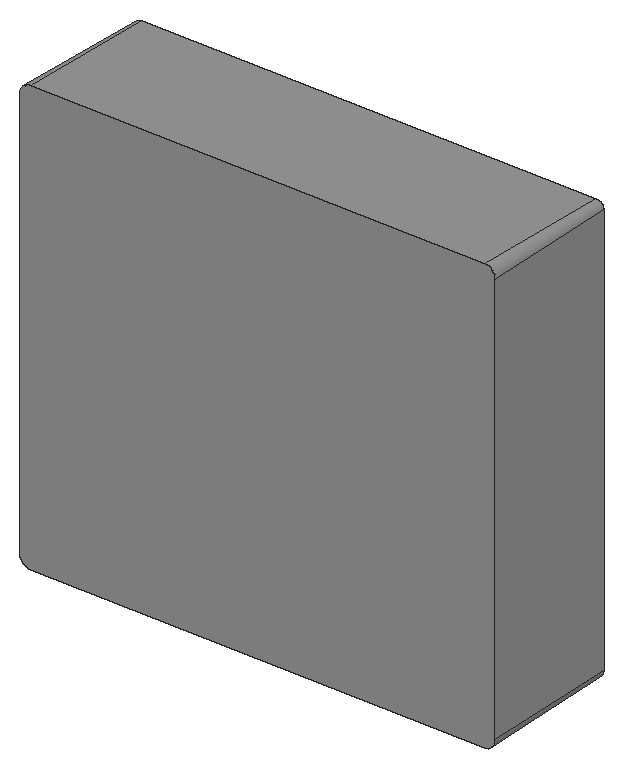
Revit family "L&L_LUCE&LIGHT_PASITO_1.2", category Lighting Fixtures, host Wall, Revit 2018 (continued)
Parameters (values of type "PASITO_1.2 – Asymmetrical 150°x90°")
    00 0.00 0.00 0.00 0.00 0.00 0.00 \r\n0.00 0.00 0.00 0.00 0.00 0.00 0.00 0.00 0.00 0.00 0.00 \r\n0.00 0.00 0.00 0.00 0.00 0.00 0.00 0.00 0.00 0.00 0.00 \r\n0.00 0.00 0.00 0.00 0.00 0.00 0.00 0.00 0.00 0.00 0.00 \r\n0.00 0.00 0.00 0.00 0.02 \r\n0.14 0.01 0.00 0.00 0.00 0.00 0.00 0.00 0.00 0.00 0.00 \r\n0.00 0.00 0.00 0.00 0.00 0.00 0.00 0.00 0.00 0.00 0.00 \r\n0.00 0.00 0.00 0.00 0.00 0.00 0.00 0.00 0.00 0.00 0.00 \r\n0.00 0.00 0.00 0.00 0.00 0.00 0.00 0.00 0.00 0.00 0.00 \r\n0.00 0.00 0.00 0.00 0.00 0.00 0.00 0.00 0.00 0.00 0.00 \r\n0.00 0.00 0.00 0.00 0.00 0.00 0.00 0.00 0.00 0.00 0.00 \r\n0.00 0.00 0.00 0.00 0.00 0.00 0.00 0.00 0.00 0.00 0.00 \r\n0.00 0.00 0.00 0.00 0.00 0.00 0.00 0.00 0.00 0.00 0.00 \r\n0.00 0.00 0.00 0.00 0.00 0.00 0.00 0.00 0.00 0.00 0.00 \r\n0.00 0.00 0.00 0.00 0.00 0.00 0.00 0.00 0.00 0.00 0.00 \r\n0.00 0.00 0.00 0.00 0.00 0.00 0.00 0.00 0.00 0.00 0.00 \r\n0.00 0.00 0.00 0.00 0.00 0.00 0.00 0.00 0.00 0.00 0.00 \r\n0.00 0.00 0.00 0.00 0.00 0.00 0.00 0.00 0.00 0.00 0.00 \r\n0.00 0.00 0.00 0.00 0.00 0.00 0.00 0.00 0.00 0.00 0.00 \r\n0.00 0.00 0.00 0.00 0.00 0.00 0.00 0.00 0.00 0.00 0.00 \r\n0.00 0.00 0.00 0.00 0.00 0.00 0.00 0.00 0.00 0.00 0.00 \r\n0.00 0.00 0.00 0.00 0.02 \r\n0.14 0.00 0.00 0.00 0.00 0.00 0.00 0.00 0.00 0.00 0.00 \r\n0.00 0.00 0.00 0.00 0.00 0.00 0.00 0.00 0.00 0.00 0.00 \r\n0.00 0.00 0.00 0.00 0.00 0.00 0.00 0.00 0.00 0.00 0.00 \r\n0.00 0.00 0.00 0.00 0.00 0.00 0.00 0.00 0.00 0.00 0.00 \r\n0.00 0.00 0.00 0.00 0.00 0.00 0.00 0.00 0.00 0.00 0.00 \r\n0.00 0.00 0.00 0.00 0.00 0.00 0.00 0.00 0.00 0.00 0.00 \r\n0.00 0.00 0.00 0.00 0.00 0.00 0.00 0.00 0.00 0.00 0.00 \r\n0.00 0.00 0.00 0.00 0.00 0.00 0.00 0.00 0.00 0.00 0.00 \r\n0.00 0.00 0.00 0.00 0.00 0.00 0.00 0.00 0.00 0.00 0.00 \r\n0.00 0.00 0.00 0.00 0.00 0.00 0.00 0.00 0.00 0.00 0.00 \r\n0.00 0.00 0.00 0.00 0.00 0.00 0.00 0.00 0.00 0.00 0.00 \r\n0.00 0.00 0.00 0.00 0.00 0.00 0.00 0.00 0.00 0.00 0.00 \r\n0.00 0.00 0.00 0.00 0.00 0.00 0.00 0.00 0.00 0.00 0.00 \r\n0.00 0.00 0.00 0.00 0.00 0.00 0.00 0.00 0.00 0.00 0.00 \r\n0.00 0.00 0.00 0.00 0.00 0.00 0.00 0.00 0.00 0.00 0.00 \r\n0.00 0.00 0.00 0.00 0.00 0.00 0.00 0.00 0.00 0.00 0.00 \r\n0.00 0.00 0.00 0.00 0.02 \r\n0.14 0.00 0.00 0.00 0.00 0.00 0.00 0.00 0.00 0.00 0.00 \r\n0.00 0.00 0.00 0.00 0.00 0.00 0.00 0.00 0.00 0.00 0.00 \r\n0.00 0.00 0.00 0.00 0.00 0.00 0.00 0.00 0.00 0.00 0.00 \r\n0.00 0.00 0.00 0.00 0.00 0.00 0.00 0.00 0.00 0.00 0.00 \r\n0.00 0.00 0.00 0.00 0.00 0.00 0.00 0.00 0.00 0.00 0.00 \r\n0.00 0.00 0.00 0.00 0.00 0.00 0.00 0.00 0.00 0.00 0.00 \r\n0.00 0.00 0.00 0.00 0.00 0.00 0.00 0.00 0.00 0.00 0.00 \r\n0.00 0.00 0.00 0.00 0.00 0.00 0.00 0.00 0.00 0.00 0.00 \r\n0.00 0.00 0.00 0.00 0.00 0.00 0.00 0.00 0.00 0.00 0.00 \r\n0.00 0.00 0.00 0.00 0.00 0.00 0.00 0.00 0.00 0.00 0.00 \r\n0.00 0.00 0.00 0.00 0.00 0.00 0.00 0.00 0.00 0.00 0.00 \r\n0.00 0.00 0.00 0.00 0.00 0.00 0.00 0.00 0.00 0.00 0.00 \r\n0.00 0.00 0.00 0.00 0.00 0.00 0.00 0.00 0.00 0.00 0.00 \r\n0.00 0.00 0.00 0.00 0.00 0.00 0.00 0.00 0.00 0.00 0.00 \r\n0.00 0.00 0.00 0.00 0.00 0.00 0.00 0.00 0.00 0.00 0.00 \r\n0.00 0.00 0.00 0.00 0.00 0.00 0.00 0.00 0.00 0.00 0.00 \r\n0.00 0.00 0.00 0.00 0.02 \r\n0.14 0.00 0.00 0.00 0.00 0.00 0.00 0.00 0.00 0.00 0.00 \r\n0.00 0.00 0.00 0.00 0.00 0.00 0.00 0.00 0.00 0.00 0.00 \r\n0.00 0.00 0.00 0.00 0.00 0.00 0.00 0.00 0.00 0.00 0.00 \r\n0.00 0.00 0.00 0.00 0.00 0.00 0.00 0.00 0.00 0.00 0.00 \r\n0.00 0.00 0.00 0.00 0.00 0.00 0.00 0.00 0.00 0.00 0.00 \r\n0.00 0.00 0.00 0.00 0.00 0.00 0.00 0.00 0.00 0.00 0.00 \r\n0.00 0.00 0.00 0.00 0.00 0.00 0.00 0.00 0.00 0.00 0.00 \r\n0.00 0.00 0.00 0.00 0.00 0.00 0.00 0.00 0.00 0.00 0.00 \r\n0.00 0.00 0.00 0.00 0.00 0.00 0.00 0.00 0.00 0.00 0.00 \r\n0.00 0.00 0.00 0.00 0.00 0.00 0.00 0.00 0.00 0.00 0.00 \r\n0.00 0.00 0.00 0.00 0.00 0.00 0.00 0.00 0.00 0.00 0.00 \r\n0.00 0.00 0.00 0.00 0.00 0.00 0.00 0.00 0.00 0.00 0.00 \r\n0.00 0.00 0.00 0.00 0.00 0.00 0.00 0.00 0.00 0.00 0.00 \r\n0.00 0.00 0.00 0.00 0.00 0.00 0.00 0.00 0.00 0.00 0.00 \r\n0.00 0.00 0.00 0.00 0.00 0.00 0.00 0.00 0.00 0.00 0.00 \r\n0.00 0.00 0.00 0.00 0.00 0.00 0.00 0.00 0.00 0.00 0.00 \r\n0.00 0.00 0.00 0.00 0.02 \r\n0.14 0.00 0.00 0.00 0.00 0.00 0.00 0.00 0.00 0.00 0.00 \r\n0.00 0.00 0.00 0.00 0.00 0.00 0.00 0.00 0.00 0.00 0.00 \r\n0.00 0.00 0.00 0.00 0.00 0.00 0.00 0.00 0.00 0.00 0.00 \r\n0.00 0.00 0.00 0.00 0.00 0.00 0.00 0.00 0.00 0.00 0.00 \r\n0.00 0.00 0.00 0.00 0.00 0.00 0.00 0.00 0.00 0.00 0.00 \r\n0.00 0.00 0.00 0.00 0.00 0.00 0.00 0.00 0.00 0.00 0.00 \r\n0.00 0.00 0.00 0.00 0.00 0.00 0.00 0.00 0.00 0.00 0.00 \r\n0.00 0.00 0.00 0.00 0.00 0.00 0.00 0.00 0.00 0.00 0.00 \r\n0.00 0.00 0.00 0.00 0.00 0.00 0.00 0.00 0.00 0.00 0.00 \r\n0.00 0.00 0.00 0.00 0.00 0.00 0.00 0.00 0.00 0.00 0.00 \r\n0.00 0.00 0.00 0.00 0.00 0.00 0.00 0.00 0.00 0.00 0.00 \r\n0.00 0.00 0.00 0.00 0.00 0.00 0.00 0.00 0.00 0.00 0.00 \r\n0.00 0.00 0.00 0.00 0.00 0.00 0.00 0.00 0.00 0.00 0.00 \r\n0.00 0.00 0.00 0.00 0.00 0.00 0.00 0.00 0.00 0.00 0.00 \r\n0.00 0.00 0.00 0.00 0.00 0.00 0.00 0.00 0.00 0.00 0.00 \r\n0.00 0.00 0.00 0.00 0.00 0.00 0.00 0.00 0.00 0.00 0.00 \r\n0.00 0.00 0.00 0.00 0.02 \r\n0.14 0.00 0.00 0.00 0.00 0.00 0.00 0.00 0.00 0.00 0.00 \r\n0.00 0.00 0.00 0.00 0.00 0.00 0.00 0.00 0.00 0.00 0.00 \r\n0.00 0.00 0.00 0.00 0.00 0.00 0.00 0.00 0.00 0.00 0.00 \r\n0.00 0.00 0.00 0.00 0.00 0.00 0.00 0.00 0.00 0.00 0.00 \r\n0.00 0.00 0.00 0.00 0.00 0.00 0.00 0.00 0.00 0.00 0.00 \r\n0.00 0.00 0.00 0.00 0.00 0.00 0.00 0.00 0.00 0.00 0.00 \r\n0.00 0.00 0.00 0.00 0.00 0.00 0.00 0.00 0.00 0.00 0.00 \r\n0.00 0.00 0.00 0.00 0.00 0.00 0.00 0.00 0.00 0.00 0.00 \r\n0.00 0.00 0.00 0.00 0.00 0.00 0.00 0.00 0.00 0.00 0.00 \r\n0.00 0.00 0.00 0.00 0.00 0.00 0.00 0.00 0.00 0.00 0.00 \r\n0.00 0.00 0.00 0.00 0.00 0.00 0.00 0.00 0.00 0.00 0.00 \r\n0.00 0.00 0.00 0.00 0.00 0.00 0.00 0.00 0.00 0.00 0.00 \r\n0.00 0.00 0.00 0.00 0.00 0.00 0.00 0.00 0.00 0.00 0.00 \r\n0.00 0.00 0.00 0.00 0.00 0.00 0.00 0.00 0.00 0.00 0.00 \r\n0.00 0.00 0.00 0.00 0.00 0.00 0.00 0.00 0.00 0.00 0.00 \r\n0.00 0.00 0.00 0.00 0.00 0.00 0.00 0.00 0.00 0.00 0.00 \r\n0.00 0.00 0.00 0.00 0.02 \r\n0.14 0.01 0.00 0.00 0.00 0.00 0.00 0.00 0.00 0.00 0.00 \r\n0.00 0.00 0.00 0.00 0.00 0.00 0.00 0.00 0.00 0.00 0.00 \r\n0.00 0.00 0.00 0.00 0.00 0.00 0.00 0.00 0.00 0.00 0.00 \r\n0.00 0.00 0.00 0.00 0.00 0.00 0.00 0.00 0.00 0.00 0.00 \r\n0.00 0.00 0.00 0.00 0.00 0.00 0.00 0.00 0.00 0.00 0.00 \r\n0.00 0.00 0.00 0.00 0.00 0.00 0.00 0.00 0.00 0.00 0.00 \r\n0.00 0.00 0.00 0.00 0.00 0.00 0.00 0.00 0.00 0.00 0.00 \r\n0.00 0.00 0.00 0.00 0.00 0.00 0.00 0.00 0.00 0.00 0.00 \r\n0.00 0.00 0.00 0.00 0.00 0.00 0.00 0.00 0.00 0.00 0.00 \r\n0.00 0.00 0.00 0.00 0.00 0.00 0.00 0.00 0.00 0.00 0.00 \r\n0.00 0.00 0.00 0.00 0.00 0.00 0.00 0.00 0.00 0.00 0.00 \r\n0.00 0.00 0.00 0.00 0.00 0.00 0.00 0.00 0.00 0.00 0.00 \r\n0.00 0.00 0.00 0.00 0.00 0.00 0.00 0.00 0.00 0.00 0.00 \r\n0.00 0.00 0.00 0.00 0.00 0.00 0.00 0.00 0.00 0.00 0.00 \r\n0.00 0.00 0.00 0.00 0.00 0.00 0.00 0.00 0.00 0.00 0.00 \r\n0.00 0.00 0.00 0.00 0.00 0.00 0.00 0.00 0.00 0.00 0.00 \r\n0.00 0.00 0.00 0.00 0.02 \r\n0.14 0.01 0.00 0.00 0.00 0.00 0.00 0.00 0.00 0.00 0.00 \r\n0.00 0.00 0.00 0.00 0.00 0.00 0.00 0.00 0.00 0.00 0.00 \r\n0.00 0.00 0.00 0.00 0.00 0.00 0.00 0.00 0.00 0.00 0.00 \r\n0.00 0.00 0.00 0.00 0.00 0.00 0.00 0.00 0.00 0.00 0.00 \r\n0.00 0.00 0.00 0.00 0.00 0.00 0.00 0.00 0.00 0.00 0.00 \r\n0.00 0.00 0.00 0.00 0.00 0.00 0.00 0.00 0.00 0.00 0.00 \r\n0.00 0.00 0.00 0.00 0.00 0.00 0.00 0.00 0.00 0.00 0.00 \r\n0.00 0.00 0.00 0.00 0.00 0.00 0.00 0.00 0.00 0.00 0.00 \r\n0.00 0.00 0.00 0.00 0.00 0.00 0.00 0.00 0.00 0.00 0.00 \r\n0.00 0.00 0.00 0.00 0.00 0.00 0.00 0.00 0.00 0.00 0.00 \r\n0.00 0.00 0.00 0.00 0.00 0.00 0.00 0.00 0.00 0.00 0.00 \r\n0.00 0.00 0.00 0.00 0.00 0.00 0.00 0.00 0.00 0.00 0.00 \r\n0.00 0.00 0.00 0.00 0.00 0.00 0.00 0.00 0.00 0.00 0.00 \r\n0.00 0.00 0.00 0.00 0.00 0.00 0.00 0.00 0.00 0.00 0.00 \r\n0.00 0.00 0.00 0.00 0.00 0.00 0.00 0.00 0.00 0.00 0.00 \r\n0.00 0.00 0.00 0.00 0.00 0.00 0.00 0.00 0.00 0.00 0.00 \r\n0.00 0.00 0.00 0.00 0.02 \r\n0.14 0.01 0.00 0.00 0.00 0.00 0.00 0.00 0.00 0.00 0.00 \r\n0.00 0.00 0.00 0.00 0.00 0.00 0.00 0.00 0.00 0.00 0.00 \r\n0.00 0.00 0.00 0.00 0.00 0.00 0.00 0.00 0.00 0.00 0.00 \r\n0.00 0.00 0.00 0.00 0.00 0.00 0.00 0.00 0.00 0.00 0.00 \r\n0.00 0.00 0.00 0.00 0.00 0.00 0.00 0.00 0.00 0.00 0.00 \r\n0.00 0.00 0.00 0.00 0.00 0.00 0.00 0.00 0.00 0.00 0.00 \r\n0.00 0.00 0.00 0.00 0.00 0.00 0.00 0.00 0.00 0.00 0.00 \r\n0.00 0.00 0.00 0.00 0.00 0.00 0.00 0.00 0.00 0.00 0.00 \r\n0.00 0.00 0.00 0.00 0.00 0.00 0.00 0.00 0.00 0.00 0.00 \r\n0.00 0.00 0.00 0.00 0.00 0.00 0.00 0.00 0.00 0.00 0.00 \r\n0.00 0.00 0.00 0.00 0.00 0.00 0.00 0.00 0.00 0.00 0.00 \r\n0.00 0.00 0.00 0.00 0.00 0.00 0.00 0.00 0.00 0.00 0.00 \r\n0.00 0.00 0.00 0.00 0.00 0.00 0.00 0.00 0.00 0.00 0.00 \r\n0.00 0.00 0.00 0.00 0.00 0.00 0.00 0.00 0.00 0.00 0.00 \r\n0.00 0.00 0.00 0.00 0.00 0.00 0.00 0.00 0.00 0.00 0.00 \r\n0.00 0.00 0.00 0.00 0.00 0.00 0.00 0.00 0.00 0.00 0.00 \r\n0.00 0.00 0.00 0.00 0.02 \r\n0.14 0.02 0.00 0.00 0.00 0.00 0.00 0.00 0.00 0.00 0.00 \r\n0.00 0.00 0.00 0.00 0.00 0.00 0.00 0.00 0.00 0.00 0.00 \r\n0.00 0.00 0.00 0.00 0.00 0.00 0.00 0.00 0.00 0.00 0.00 \r\n0.00 0.00 0.00 0.00 0.00 0.00 0.00 0.00 0.00 0.00 0.00 \r\n0.00 0.00 0.00 0.00 0.00 0.00 0.00 0.00 0.00 0.00 0.00 \r\n0.00 0.00 0.00 0.00 0.00 0.00 0.00 0.00 0.00 0.00 0.00 \r\n0.00 0.00 0.00 0.00 0.00 0.00 0.00 0.00 0.00 0.00 0.00 \r\n0.00 0.00 0.00 0.00 0.00 0.00 0.00 0.00 0.00 0.00 0.00 \r\n0.00 0.00 0.00 0.00 0.00 0.00 0.00 0.00 0.00 0.00 0.00 \r\n0.00 0.00 0.00 0.00 0.00 0.00 0.00 0.00 0.00 0.00 0.00 \r\n0.00 0.00 0.00 0.00 0.00 0.00 0.00 0.00 0.00 0.00 0.00 \r\n0.00 0.00 0.00 0.00 0.00 0.00 0.00 0.00 0.00 0.00 0.00 \r\n0.00 0.00 0.00 0.00 0.00 0.00 0.00 0.00 0.00 0.00 0.00 \r\n0.00 0.00 0.00 0.00 0.00 0.00 0.00 0.00 0.00 0.00 0.00 \r\n0.00 0.00 0.00 0.00 0.00 0.00 0.00 0.00 0.00 0.00 0.00 \r\n0.00 0.00 0.00 0.00 0.00 0.00 0.00 0.00 0.00 0.00 0.00 \r\n0.00 0.00 0.00 0.00 0.02 \r\n0.14 0.03 0.00 0.00 0.00 0.00 0.00 0.00 0.00 0.00 0.00 \r\n0.00 0.00 0.00 0.00 0.00 0.00 0.00 0.00 0.00 0.00 0.00 \r\n0.00 0.00 0.00 0.00 0.00 0.00 0.00 0.00 0.00 0.00 0.00 \r\n0.00 0.00 0.00 0.00 0.00 0.00 0.00 0.00 0.00 0.00 0.00 \r\n0.00 0.00 0.00 0.00 0.00 0.00 0.00 0.00 0.00 0.00 0.00 \r\n0.00 0.00 0.00 0.00 0.00 0.00 0.00 0.00 0.00 0.00 0.00 \r\n0.00 0.00 0.00 0.00 0.00 0.00 0.00 0.00 0.00 0.00 0.00 \r\n0.00 0.00 0.00 0.00 0.00 0.00 0.00 0.00 0.00 0.00 0.00 \r\n0.00 0.00 0.00 0.00 0.00 0.00 0.00 0.00 0.00 0.00 0.00 \r\n0.00 0.00 0.00 0.00 0.00 0.00 0.00 0.00 0.00 0.00 0.00 \r\n0.00 0.00 0.00 0.00 0.00 0.00 0.00 0.00 0.00 0.00 0.00 \r\n0.00 0.00 0.00 0.00 0.00 0.00 0.00 0.00 0.00 0.00 0.00 \r\n0.00 0.00 0.00 0.00 0.00 0.00 0.00 0.00 0.00 0.00 0.00 \r\n0.00 0.00 0.00 0.00 0.00 0.00 0.00 0.00 0.00 0.00 0.00 \r\n0.00 0.00 0.00 0.00 0.00 0.00 0.00 0.00 0.00 0.00 0.00 \r\n0.00 0.00 0.00 0.00 0.00 0.00 0.00 0.00 0.00 0.00 0.00 \r\n0.00 0.00 0.00 0.00 0.02 \r\n0.14 0.04 0.00 0.00 0.00 0.00 0.00 0.00 0.00 0.00 0.00 \r\n0.00 0.00 0.00 0.00 0.00 0.00 0.00 0.00 0.00 0.00 0.00 \r\n0.00 0.00 0.00 0.00 0.00 0.00 0.00 0.00 0.00 0.00 0.00 \r\n0.00 0.00 0.00 0.00 0.00 0.00 0.00 0.00 0.00 0.00 0.00 \r\n0.00 0.00 0.00 0.00 0.00 0.00 0.00 0.00 0.00 0.00 0.00 \r\n0.00 0.00 0.00 0.00 0.00 0.00 0.00 0.00 0.00 0.00 0.00 \r\n0.00 0.00 0.00 0.00 0.00 0.00 0.00 0.00 0.00 0.00 0.00 \r\n0.00 0.00 0.00 0.00 0.00 0.00 0.00 0.00 0.00 0.00 0.00 \r\n0.00 0.00 0.00 0.00 0.00 0.00 0.00 0.00 0.00 0.00 0.00 \r\n0.00 0.00 0.00 0.00 0.00 0.00 0.00 0.00 0.00 0.00 0.00 \r\n0.00 0.00 0.00 0.00 0.00 0.00 0.00 0.00 0.00 0.00 0.00 \r\n0.00 0.00 0.00 0.00 0.00 0.00 0.00 0.00 0.00 0.00 0.00 \r\n0.00 0.00 0.00 0.00 0.00 0.00 0.00 0.00 0.00 0.00 0.00 \r\n0.00 0.00 0.00 0.00 0.00 0.00 0.00 0.00 0.00 0.00 0.00 \r\n0.00 0.00 0.00 0.00 0.00 0.00 0.00 0.00 0.00 0.00 0.00 \r\n0.00 0.00 0.00 0.00 0.00 0.00 0.00 0.00 0.00 0.00 0.00 \r\n0.00 0.00 0.00 0.00 0.02 \r\n0.14 0.04 0.00 0.00 0.00 0.00 0.00 0.00 0.00 0.00 0.00 \r\n0.00 0.00 0.00 0.00 0.00 0.00 0.00 0.00 0.00 0.00 0.00 \r\n0.00 0.00 0.00 0.00 0.00 0.00 0.00 0.00 0.00 0.00 0.00 \r\n0.00 0.00 0.00 0.00 0.00 0.00 0.00 0.00 0.00 0.00 0.00 \r\n0.00 0.00 0.00 0.00 0.00 0.00 0.00 0.00 0.00 0.00 0.00 \r\n0.00 0.00 0.00 0.00 0.00 0.00 0.00 0.00 0.00 0.00 0.00 \r\n0.00 0.00 0.00 0.00 0.00 0.00 0.00 0.00 0.00 0.00 0.00 \r\n0.00 0.00 0.00 0.00 0.00 0.00 0.00 0.00 0.00 0.00 0.00 \r\n0.00 0.00 0.00 0.00 0.00 0.00 0.00 0.00 0.00 0.00 0.00 \r\n0.00 0.00 0.00 0.00 0.00 0.00 0.00 0.00 0.00 0.00 0.00 \r\n0.00 0.00 0.00 0.00 0.00 0.00 0.00 0.00 0.00 0.00 0.00 \r\n0.00 0.00 0.00 0.00 0.00 0.00 0.00 0.00 0.00 0.00 0.00 \r\n0.00 0.00 0.00 0.00 0.00 0.00 0.00 0.00 0.00 0.00 0.00 \r\n0.00 0.00 0.00 0.00 0.00 0.00 0.00 0.00 0.00 0.00 0.00 \r\n0.00 0.00 0.00 0.00 0.00 0.00 0.00 0.00 0.00 0.00 0.00 \r\n0.00 0.00 0.00 0.00 0.00 0.00 0.00 0.00 0.00 0.00 0.00 \r\n0.00 0.00 0.00 0.00 0.02 \r\n0.14 0.05 0.00 0.00 0.00 0.00 0.00 0.00 0.00 0.00 0.00 \r\n0.00 0.00 0.00 0.00 0.00 0.00 0.00 0.00 0.00 0.00 0.00 \r\n0.00 0.00 0.00 0.00 0.00 0.00 0.00 0.00 0.00 0.00 0.00 \r\n0.00 0.00 0.00 0.00 0.00 0.00 0.00 0.00 0.00 0.00 0.00 \r\n0.00 0.00 0.00 0.00 0.00 0.00 0.00 0.00 0.00 0.00 0.00 \r\n0.00 0.00 0.00 0.00 0.00 0.00 0.00 0.00 0.00 0.00 0.00 \r\n0.00 0.00 0.00 0.00 0.00 0.00 0.00 0.00 0.00 0.00 0.00 \r\n0.00 0.00 0.00 0.00 0.00 0.00 0.00 0.00 0.00 0.00 0.00 \r\n0.00 0.00 0.00 0.00 0.00 0.00 0.00 0.00 0.00 0.00 0.00 \r\n0.00 0.00 0.00 0.00 0.00 0.00 0.00 0.00 0.00 0.00 0.00 \r\n0.00 0.00 0.00 0.00 0.00 0.00 0.00 0.00 0.00 0.00 0.00 \r\n0.00 0.00 0.00 0.00 0.00 0.00 0.00 0.00 0.00 0.00 0.00 \r\n0.00 0.00 0.00 0.00 0.00 0.00 0.00 0.00 0.00 0.00 0.00 \r\n0.00 0.00 0.00 0.00 0.00 0.00 0.00 0.00 0.00 0.00 0.00 \r\n0.00 0.00 0.00 0.00 0.00 0.00 0.00 0.00 0.00 0.00 0.00 \r\n0.00 0.00 0.00 0.00 0.00 0.00 0.00 0.00 0.00 0.00 0.00 \r\n0.00 0.00 0.00 0.00 0.02 \r\n0.14 0.06 0.00 0.00 0.00 0.00 0.00 0.00 0.00 0.00 0.00 \r\n0.00 0.00 0.00 0.00 0.00 0.00 0.00 0.00 0.00 0.00 0.00 \r\n0.00 0.00 0.00 0.00 0.00 0.00 0.00 0.00 0.00 0.00 0.00 \r\n0.00 0.00 0.00 0.00 0.00 0.00 0.00 0.00 0.00 0.00 0.00 \r\n0.00 0.00 0.00 0.00 0.00 0.00 0.00 0.00 0.00 0.00 0.00 \r\n0.00 0.00 0.00 0.00 0.00 0.00 0.00 0.00 0.00 0.00 0.00 \r\n0.00 0.00 0.00 0.00 0.00 0.00 0.00 0.00 0.00 0.00 0.00 \r\n0.00 0.00 0.00 0.00 0.00 0.00 0.00 0.00 0.00 0.00 0.00 \r\n0.00 0.00 0.00 0.00 0.00 0.00 0.00 0.00 0.00 0.00 0.00 \r\n0.00 0.00 0.00 0.00 0.00 0.00 0.00 0.00 0.00 0.00 0.00 \r\n0.00 0.00 0.00 0.00 0.00 0.00 0.00 0.00 0.00 0.00 0.00 \r\n0.00 0.00 0.00 0.00 0.00 0.00 0.00 0.00 0.00 0.00 0.00 \r\n0.00 0.00 0.00 0.00 0.00 0.00 0.00 0.00 0.00 0.00 0.00 \r\n0.00 0.00 0.00 0.00 0.00 0.00 0.00 0.00 0.00 0.00 0.00 \r\n0.00 0.00 0.00 0.00 0.00 0.00 0.00 0.00 0.00 0.00 0.00 \r\n0.00 0.00 0.00 0.00 0.00 0.00 0.00 0.00 0.00 0.00 0.00 \r\n0.00 0.00 0.00 0.00 0.02 \r\n0.14 0.08 0.00 0.00 0.00 0.00 0.00 0.00 0.00 0.00 0.00 \r\n0.00 0.00 0.00 0.00 0.00 0.00 0.00 0.00 0.00 0.00 0.00 \r\n0.00 0.00 0.00 0.00 0.00 0.00 0.00 0.00 0.00 0.00 0.00 \r\n0.00 0.00 0.00 0.00 0.00 0.00 0.00 0.00 0.00 0.00 0.00 \r\n0.00 0.00 0.00 0.00 0.00 0.00 0.00 0.00 0.00 0.00 0.00 \r\n0.00 0.00 0.00 0.00 0.00 0.00 0.00 0.00 0.00 0.00 0.00 \r\n0.00 0.00 0.00 0.00 0.00 0.00 0.00 0.00 0.00 0.00 0.00 \r\n0.00 0.00 0.00 0.00 0.00 0.00 0.00 0.00 0.00 0.00 0.00 \r\n0.00 0.00 0.00 0.00 0.00 0.00 0.00 0.00 0.00 0.00 0.00 \r\n0.00 0.00 0.00 0.00 0.00 0.00 0.00 0.00 0.00 0.00 0.00 \r\n0.00 0.00 0.00 0.00 0.00 0.00 0.00 0.00 0.00 0.00 0.00 \r\n0.00 0.00 0.00 0.00 0.00 0.00 0.00 0.00 0.00 0.00 0.00 \r\n0.00 0.00 0.00 0.00 0.00 0.00 0.00 0.00 0.00 0.00 0.00 \r\n0.00 0.00 0.00 0.00 0.00 0.00 0.00 0.00 0.00 0.00 0.00 \r\n0.00 0.00 0.00 0.00 0.00 0.00 0.00 0.00 0.00 0.00 0.00 \r\n0.00 0.00 0.00 0.00 0.00 0.00 0.00 0.00 0.00 0.00 0.00 \r\n0.00 0.00 0.00 0.01 0.02 \r\n0.14 0.09 0.02 0.00 0.00 0.00 0.00 0.00 0.00 0.00 0.00 \r\n0.00 0.00 0.00 0.00 0.00 0.00 0.00 0.00 0.00 0.00 0.00 \r\n0.00 0.00 0.00 0.00 0.00 0.00 0.00 0.00 0.00 0.00 0.00 \r\n0.00 0.00 0.00 0.00 0.00 0.00 0.00 0.00 0.00 0.00 0.00 \r\n0.00 0.00 0.00 0.00 0.00 0.00 0.00 0.00 0.00 0.00 0.00 \r\n0.00 0.00 0.00 0.00 0.00 0.00 0.00 0.00 0.00 0.00 0.00 \r\n0.00 0.00 0.00 0.00 0.00 0.00 0.00 0.00 0.00 0.00 0.00 \r\n0.00 0.00 0.00 0.00 0.00 0.00 0.00 0.00 0.00 0.00 0.00 \r\n0.00 0.00 0.00 0.00 0.00 0.00 0.00 0.00 0.00 0.00 0.00 \r\n0.00 0.00 0.00 0.00 0.00 0.00 0.00 0.00 0.00 0.00 0.00 \r\n0.00 0.00 0.00 0.00 0.00 0.00 0.00 0.00 0.00 0.00 0.00 \r\n0.00 0.00 0.00 0.00 0.00 0.00 0.00 0.00 0.00 0.00 0.00 \r\n0.00 0.00 0.00 0.00 0.00 0.00 0.00 0.00 0.00 0.00 0.00 \r\n0.
